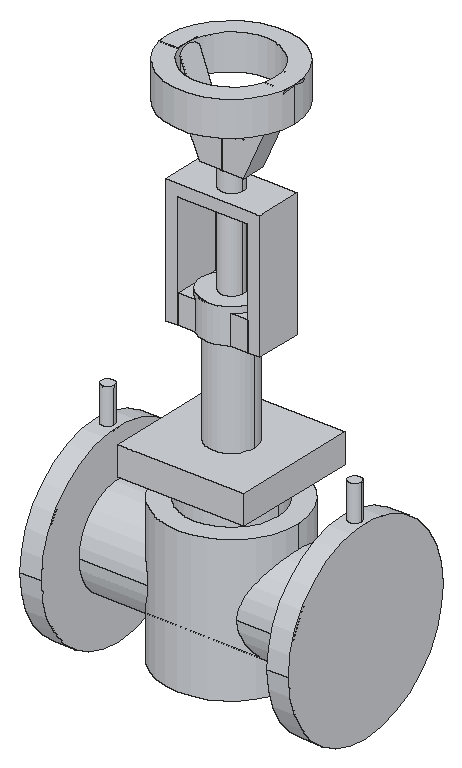
Revit family "Sigma_Compact_DN050-LF_PN16_RFA_2019", category Pipe Accessories, Revit 2019
Family settings
  Round Connector Dimension = Use Diameter
  Part Type = Valve - Breaks Into
  Work Plane-Based = No
  Always vertical = Yes
  Cut with Voids When Loaded = No
  Shared = No
Parameters (values of type "Sigma Compact DN 050 LF PN16")
  magiProductId = "7ce002c265594233b83d195dc264f1"
  magiProductFamilyId = "111bdfd32e424cd9a1e5f1ca7ea2b6"
  magiPartTypeId = 304
  isMeasuringValve [instance] = no
  ang2D [instance] = 0.00°
  W2D = 50 mm
  VersionID = "2.0/2018.12.13.2/FRESE_SIGMA_C_BIG_Q13_001"
  Use Minimum Symbol Size [instance] = no
  URL = "www.hydronix.cz"
  Type Comments = "přírubový; PN16; max dp=800kPa; 0~+120°C; max uzavírací tlak 1MPa"
  R4 = 40.25 mm
  R3 = 42.9 mm
  R1 = 57.5 mm
  QmdConnectorList = "301;D;302;D"
  Productdata [instance] = ""
  Manufacturer = "Hydronix"
  Maintenance Zone Under Depth [instance] = 100 mm
  Maintenance Zone Right Depth [instance] = 100 mm
  Maintenance Zone Over Depth [instance] = 100 mm
  Maintenance Zone Left Depth [instance] = 100 mm
  Maintenance Zone Front Depth [instance] = 100 mm
  Maintenance Zone Back Depth [instance] = 100 mm
  Maintenance Zone Front Visibility [instance] = no
  MC Use Limits From Balancing Method = no
  MC Throttling Minimum Value = 0
  MC Throttling Maximum Value = 0
  MC Product Code = "53-2400 DN50; PN16; (2480-15000 l/h); kvs=34"
  MC Pressure Drop Minimum Value = 0.0 Pa
  MC Pressure Drop Maximum Value = 0.0 Pa
  MC Piping Given Pressure Drop [instance] = 0.0 Pa
  LF__ve = -LF  # -18.4 mm
  LF2 = 9.2 mm
  LF = 18.4 mm
  L432 = 18.917 mm
  L43 = 37.835 mm
  L42 = 54.05 mm
  L4 = 108.1 mm
  L3 = 193.2 mm
  L2D_Min = 30.48 mm
  L2D = 230 mm
  L2 = 115 mm
  HH12 = 16.5 mm
  HH1 = 33 mm
  HDF__ve = -HDF  # -202 mm
  HDF = 202 mm
  H6 = 85 mm
  H4 = 24.75 mm
  H3 = 20.625 mm
  H2 = 61.875 mm
  H11 = 123.75 mm
  H1 = 480 mm
  H = 367 mm
  Description = "Automatický vyvažovací ventil"
  DF2 = 82.5 mm
  D = 50 mm
  Clearance Zone Height Depth [instance] = 100 mm
  Clearance Zone Circular Radius [instance] = 115 mm
  Clearance Zone Visibility [instance] = no
  CAT0 = yes
Types (9, lengths in mm): name | magiProductId | Type Comments | R4 | R3 | R1 | MC Product Code | LF__ve | LF2 | LF | L432 | L43 | L42 | L4 | L3 | L2 | HH12 | HH1 | HDF__ve | HDF | H4 | H3 | H2 | H11 | H1 | H | DF2 | D | Clearance Zone Circular Radius
  Sigma Compact DN 050 LF PN16 | "7ce002c265594233b83d195dc264f1" | "přírubový; PN16; max dp=800kPa; 0~+120°C; max uzavírací tlak 1MPa" | 40.25 | 42.9 | 57.5 | "53-2400 DN50; PN16; (2480-15000 l/h); kvs=34" | -18.4 | 9.2 | 18.4 | 18.917 | 37.835 | 54.05 | 108.1 | 193.2 | 115 | 16.5 | 33 | -202 | 202 | 24.75 | 20.625 | 61.875 | 123.75 | 480 | 367 | 82.5 | 50 | 115
  Sigma Compact DN 065 LF PN16 | "7b440009bc83499eb1c9a6fd3b4fee" | "přírubový; PN16; max dp=800kPa; 0~+120°C; max uzavírací tlak 1MPa" | 50.75 | 48.1 | 72.5 | "53-2401 DN65; PN16; (4380-25000 l/h); kvs=50" | -23.2 | 11.6 | 23.2 | 23.853 | 47.705 | 68.15 | 136.3 | 243.6 | 145 | 16.5 | 33 | -199 | 199 | 27.75 | 23.125 | 69.375 | 138.75 | 497 | 384 | 92.5 | 65 | 145
  Sigma Compact DN 080 LF PN16 | "c04670cd33374e61a046fccc79a79b" | "přírubový; PN16; max dp=800kPa; 0~+120°C; max uzavírací tlak 1MPa" | 54.25 | 52 | 77.5 | "53-2402 DN80; PN16; (5340-34000 l/h); kvs=68" | -24.8 | 12.4 | 24.8 | 25.497 | 50.995 | 72.85 | 145.7 | 260.4 | 155 | 16.5 | 33 | -213 | 213 | 30 | 25 | 75 | 150 | 526 | 413 | 100 | 80 | 155
  Sigma Compact DN 100 LF PN16 | "e9669c3b3cb042d39f52f9a3f8394b" | "přírubový; PN16; max dp=800kPa; 0~+120°C; max uzavírací tlak 1MPa" | 61.25 | 61.1 | 87.5 | "53-2403 DN100; PN16; (12100-68000 l/h); kvs=115" | -28 | 14 | 28 | 28.788 | 57.575 | 82.25 | 164.5 | 294 | 175 | 34 | 68 | -331 | 331 | 35.25 | 29.375 | 88.125 | 176.25 | 714 | 566 | 117.5 | 100 | 175
  Sigma Compact DN 125 LF PN16 | "72414964175c4f3999d5daaa67221e" | "přírubový; PN16; max dp=800kPa; 0~+120°C; max uzavírací tlak 1MPa" | 70 | 70.2 | 100 | "53-2404 DN125; PN16; (18500-110000 l/h); kvs=186" | -32 | 16 | 32 | 32.9 | 65.8 | 94 | 188 | 336 | 200 | 36.5 | 73 | -338 | 338 | 40.5 | 33.75 | 101.25 | 202.5 | 761 | 608 | 135 | 125 | 200
  Sigma Compact DN 150 LF PN16 | "cb5ac98de80a46389b4a96eb8539c2" | "přírubový; PN16; max dp=800kPa; 0~+110°C; max uzavírací tlak 1MPa" | 84 | 74.1 | 120 | "53-2405 DN150; PN16; (25600-148000 l/h); kvs=250" | -38.4 | 19.2 | 38.4 | 39.48 | 78.96 | 112.8 | 225.6 | 403.2 | 240 | 13 | 26 | -391 | 391 | 42.75 | 35.625 | 106.875 | 213.75 | 782 | 676 | 142.5 | 150 | 240
  Sigma Compact DN 200 LF PN16 | "bd9983fcf82240be8b5626661ef83b" | "přírubový; PN16; max dp=800kPa; 0~+110°C; max uzavírací tlak 1MPa" | 105 | 98.8 | 150 | "53-2406 DN200; PN16; (95000-210000 l/h); kvs=371" | -48 | 24 | 48 | 49.35 | 98.7 | 141 | 282 | 504 | 300 | 29.5 | 59 | -334 | 334 | 57 | 47.5 | 142.5 | 285 | 853 | 714 | 190 | 200 | 300
  Sigma Compact DN 250 LF PN16 | "6516628c9ce0481f89e5702e575104" | "přírubový; PN16; max dp=800kPa; 0~+110°C; max uzavírací tlak 1MPa" | 127.75 | 115.44 | 182.5 | "53-2407 DN250; PN16; (190000-475000 l/h); kvs=803" | -58.4 | 29.2 | 58.4 | 60.042 | 120.085 | 171.55 | 343.1 | 613.2 | 365 | 29 | 58 | -462 | 462 | 66.6 | 55.5 | 166.5 | 333 | 1044 | 906 | 222 | 250 | 365
  Sigma Compact DN 300 LF PN16 | "f16ecb3a8ad443e99405ecd1e4779a" | "přírubový; PN16; max dp=800kPa; 0~+110°C; max uzavírací tlak 1MPa" | 148.75 | 135.2 | 212.5 | "53-2408 DN300; PN16; (190000-475000 l/h); kvs=803" | -68 | 34 | 68 | 69.912 | 139.825 | 199.75 | 399.5 | 714 | 425 | 29 | 58 | -424 | 424 | 78 | 65 | 195 | 390 | 1082 | 944 | 260 | 300 | 425
Reference planes
  plane 1 "Center (Front/Back)": y = 0
  plane 2 "XYPLANE": z = 0
  plane 3 "Center (Left/Right)": x = 0
  plane 4 "298": y = -182.5
  plane 5 "297": y = 182.5
  plane 6 "296": y = -82.5
  plane 7 "295": y = 82.5
  plane 8 "294": z = -182.5
  plane 9 "293": z = 497.5
  plane 10 "292": x = -215
  plane 11 "291": x = 215
  plane 12 "290": z = 497.5
  plane 13 "256": y = -20
  plane 14 "254": z = 291
  plane 15 "253": z = 301
  plane 16 "252": x = -40
  plane 17 "251": x = -30
  plane 18 "250": x = 40
  plane 19 "249": x = 30
  plane 20 "247": z = 192.25
  plane 21 "244": z = 284.5
  plane 22 "243": x = 54.05
  plane 23 "242": x = 37.835
  plane 24 "241": x = 18.917
  plane 25 "240": y = -10
  plane 26 "238": x = -18.917
  plane 27 "237": x = -37.835
  plane 28 "236": z = 317.5
  plane 29 "235": z = 347.5
  plane 30 "234": x = -54.05
  plane 31 "225": z = 397.5
  plane 32 "224": z = -82.5
  plane 33 "157": x = 105.8
  plane 34 "156": x = -105.8
  plane 35 "155": z = 82.5
  plane 36 "154": z = 107.25
  plane 37 "153": z = 82.5
  plane 38 "152": z = 61.875
  plane 39 "151": x = -96.6
  plane 40 "150": z = -61.875
  plane 41 "149": x = 0
  plane 42 "148": y = 0
  plane 43 "147": z = 0
  plane 44 "146": x = -115
  plane 45 "145": x = 115
Forms (mm)
  Blend 1, solid, visible <- "Maintenance Zone Front Visibility"
    base sketch origin (-750, 0, 497.5) x (1, 0, 0) y (0, 1, 0)
      loop
        line (535, 182.5) -> (535, -182.5) -> (965, -182.5) -> (965, 182.5) -> (535, 182.5)
    top sketch origin (-750, 0, 497.5) x (1, 0, 0) y (0, 1, 0)
      loop
        line (535, 182.5) -> (535, -182.5) -> (965, -182.5) -> (965, 182.5) -> (535, 182.5)
    from 0 to -680
  Blend 2, solid, visible <- "Clearance Zone Visibility"
    base sketch origin (-750, 0, 0) x (1, 0, 0) y (0, 1, 0)
      loop
        circle (750, 0) r 115
    top sketch origin (-750, 0, 0) x (1, 0, 0) y (0, 1, 0)
      loop
        circle (750, 0) r 115
    from 0 to 497.5
  Extrusion 3, solid
    sketch origin (-750, 0, 284.5) x (1, 0, 0) y (0, 1, 0)
      loop
        circle (750, 0) r 10
    from 0 to -202 <- "HDF__ve"
  Extrusion 4, solid
    sketch origin (-750, 0, 192.25) x (1, 0, 0) y (0, 1, 0)
      loop
        line (780, 20) -> (720, 20) -> (720, -20) -> (780, -20) -> (780, 20)
    from 0 to 25
  Extrusion 5, solid
    sketch origin (750, -20, 0) x (-1, 0, 0) y (0, 0, 1)
      loop
        line (790, 192.25) -> (790, 301) -> (710, 301) -> (710, 192.25) -> (720, 192.25) -> (720, 291) -> (780, 291) -> (780, 192.25) -> (790, 192.25)
    from 0 to 40
  Extrusion 6, solid
    sketch origin (-750, 0, 192.25) x (1, 0, 0) y (0, 1, 0)
      loop
        circle (750, 0) r 25
    from 0 to 30
  Extrusion 7, solid
    sketch origin (750, -10, 0) x (-1, 0, 0) y (0, 0, 1)
      loop
        line (787.835, 397.5) -> (768.917, 347.5) -> (750, 347.5) -> (750, 317.5) -> (768.917, 317.5) -> (804.05, 397.5) -> (787.835, 397.5)
    from 0 to 20
  Extrusion 8, solid
    sketch origin (750, -10, 0) x (-1, 0, 0) y (0, 0, 1)
      loop
        line (712.165, 397.5) -> (695.95, 397.5) -> (731.083, 317.5) -> (750, 317.5) -> (750, 347.5) -> (731.083, 347.5) -> (712.165, 397.5)
    from 0 to 20
  Extrusion 9, solid
    sketch origin (-750, 0, 284.5) x (1, 0, 0) y (0, 1, 0)
      loop
        circle (750, 0) r 10
    from 0 to 33 <- "HH1"
  Extrusion 10, solid
    sketch origin (-750, 0, 397.5) x (1, 0, 0) y (0, 1, 0)
      loop
        circle (750, 0) r 54.05
      loop
        circle (750, 0) r 37.835
    from 0 to -30
  Extrusion 11, solid, visible <- "CAT0"
    sketch origin (-750, 0, 82.5) x (1, 0, 0) y (0, 1, 0)
      loop
        circle (855.8, 0) r 5.5
    from 0 to 30
  Extrusion 12, solid, visible <- "CAT0"
    sketch origin (-750, 0, 82.5) x (1, 0, 0) y (0, 1, 0)
      loop
        circle (644.2, 0) r 5.5
    from 0 to 30
  Extrusion 13, solid, visible <- "CAT0"
    sketch origin (-750, 0, 107.25) x (1, 0, 0) y (0, 1, 0)
      loop
        circle (750, 0) r 20
    from 0 to 85 <- "H6"
  Extrusion 14, solid, visible <- "CAT0"
    sketch origin (-750, 0, 82.5) x (1, 0, 0) y (0, 1, 0)
      loop
        line (804.05, 54.05) -> (695.95, 54.05) -> (695.95, -54.05) -> (804.05, -54.05) -> (804.05, 54.05)
    from 0 to 24.75 <- "H4"
  Extrusion 15, solid, visible <- "CAT0"
    sketch origin (-750, 0, 61.875) x (1, 0, 0) y (0, 1, 0)
      loop
        circle (750, 0) r 40.25
    from 0 to 20.625 <- "H3"
  Extrusion 16, solid, visible <- "CAT0"
    sketch origin (-96.6, -750, 0) x (0, 1, 0) y (0, 0, 1)
      loop
        circle (750, 0) r 42.9
    from 0 to 193.2 <- "L3"
  Extrusion 17, solid, visible <- "CAT0"
    sketch origin (-750, 0, -61.875) x (1, 0, 0) y (0, 1, 0)
      loop
        circle (750, 0) r 57.5
    from 0 to 123.75 <- "H11"
  Extrusion 18, solid, visible <- "CAT0"
    sketch origin (-115, -750, 0) x (0, 1, 0) y (0, 0, 1)
      loop
        circle (750, 0) r 82.5
    from 0 to 18.4 <- "LF"
  Extrusion 19, solid, visible <- "CAT0"
    sketch origin (115, -750, 0) x (0, 1, 0) y (0, 0, 1)
      loop
        circle (750, 0) r 82.5
    from 0 to -18.4 <- "LF__ve"
  Extrusion 20, solid, not visible
    sketch origin (-115, -750, 0) x (0, 1, 0) y (0, 0, 1)
      loop
        circle (750, 0) r 10
    from 0 to 10
  Extrusion 21, solid, not visible
    sketch origin (115, -750, 0) x (0, 1, 0) y (0, 0, 1)
      loop
        circle (750, 0) r 10
    from 0 to -10
Lines and regions (mm)
  reference lines, not visible
    curve 1: circle (2, 2, 0) r 1 normal (0, 0, 1)
  reference lines
    curve 2: circle (0, 0, 82.5) r 1 normal (0, 0, 1)
Dimensions and locks
  plane 1 "Center (Front/Back)" to curve 1 = 2 mm
  "Maintenance Zone Front Depth": plane 6 "296" to plane 4 "298"
  "Maintenance Zone Back Depth": plane 7 "295" to plane 5 "297"
  "DF2": plane 42 "148" to plane 6 "296"
  "DF2": plane 42 "148" to plane 7 "295"
  "Maintenance Zone Under Depth": plane 32 "224" to plane 8 "294"
  "Maintenance Zone Over Depth": plane 31 "225" to plane 9 "293"
  "Maintenance Zone Left Depth": plane 44 "146" to plane 10 "292"
  "Maintenance Zone Right Depth": plane 45 "145" to plane 11 "291"
  "Clearance Zone Height Depth": plane 31 "225" to plane 12 "290"
  locked: plane 25 "240" to plane 13 "256" at 10
  locked: plane 15 "253" to plane 14 "254" at 10
  "HH12": plane 21 "244" to plane 15 "253"
  locked: plane 17 "251" to plane 16 "252" at 10
  locked: plane 41 "149" to plane 17 "251" at 30
  locked: plane 19 "249" to plane 18 "250" at 10
  locked: plane 41 "149" to plane 19 "249" at 30
  "H6": plane 36 "154" to plane 20 "247"
  "H": plane 32 "224" to plane 21 "244"
  "L42": plane 41 "149" to plane 22 "243"
  "L43": plane 41 "149" to plane 23 "242"
  "L432": plane 41 "149" to plane 24 "241"
  locked: plane 42 "148" to plane 25 "240" at 10
  "L432": plane 41 "149" to plane 26 "238"
  "L43": plane 41 "149" to plane 27 "237"
  locked: plane 29 "235" to plane 28 "236" at 30
  locked: plane 31 "225" to plane 29 "235" at 50
  "L42": plane 41 "149" to plane 30 "234"
  "H1": plane 32 "224" to plane 31 "225"
  "DF2": plane 2 "XYPLANE" to plane 32 "224"
  "LF2": plane 45 "145" to plane 33 "157"
  "LF2": plane 44 "146" to plane 34 "156"
  "DF2": plane 2 "XYPLANE" to plane 35 "155"
  "H4": plane 37 "153" to plane 36 "154"
  "H3": plane 38 "152" to plane 37 "153"
  "H11": plane 40 "150" to plane 38 "152"
  "LF": plane 44 "146" to plane 39 "151"
  "H2": plane 2 "XYPLANE" to plane 40 "150"
  locked: plane 3 "Center (Left/Right)" to plane 41 "149"
  locked: plane 1 "Center (Front/Back)" to plane 42 "148"
  locked: plane 2 "XYPLANE" to plane 43 "147"
  "L2": plane 3 "Center (Left/Right)" to plane 44 "146"
  "L2": plane 3 "Center (Left/Right)" to plane 45 "145"
  Blend 1 sketch curve to Blend 1 sketch curve = 0 mm  (x16)
  Extrusion 4 sketch curve to Extrusion 4 sketch curve = 0 mm  (x8)
  Extrusion 5 sketch curve to Extrusion 5 sketch curve = 0 mm  (x16)
  Extrusion 7 sketch curve to Extrusion 7 sketch curve = 0 mm  (x12)
  Extrusion 8 sketch curve to Extrusion 8 sketch curve = 0 mm  (x12)
  equal spacing: Extrusion 14 sketch curve, curve 2, Extrusion 14 sketch curve  (x2)
  "L4": Extrusion 14 sketch curve to Extrusion 14 sketch curve  (x2)
  Extrusion 14 sketch curve to Extrusion 14 sketch curve = 0 mm  (x8)
  "Clearance Zone Circular Radius": radius of Blend 2 sketch curve  (x2)
  "L42": radius of Extrusion 10 sketch curve
  "L43": radius of Extrusion 10 sketch curve
  "R4": radius of Extrusion 15 sketch curve
  "R3": radius of Extrusion 16 sketch curve
  "R1": radius of Extrusion 17 sketch curve
  "DF2": radius of Extrusion 18 sketch curve
  "DF2": radius of Extrusion 19 sketch curve
  aligned and locked: level to plane 2 "XYPLANE"
  aligned and locked: Blend 1 sketch curve to plane 5 "297"  (x2)
  aligned and locked: plane 10 "292" to Blend 1 sketch curve  (x4)
  aligned and locked: plane 11 "291" to Blend 1 sketch curve  (x4)
  aligned and locked: plane 5 "297" to Blend 1 sketch curve  (x2)
  aligned and locked: plane 4 "298" to Blend 1 sketch curve  (x4)
  aligned and locked: Blend 1 to plane 8 "294"
  aligned and locked: plane 41 "149" to Blend 2 sketch curve  (x2)
  aligned and locked: plane 42 "148" to Blend 2 sketch curve  (x2)
  aligned and locked: plane 12 "290" to Blend 2
  aligned and locked: plane 41 "149" to Extrusion 3 sketch curve
  aligned and locked: plane 42 "148" to Extrusion 3 sketch curve
  aligned and locked: Extrusion 5 sketch curve to plane 16 "252"
  aligned and locked: plane 20 "247" to Extrusion 5 sketch curve  (x4)
  aligned and locked: plane 15 "253" to Extrusion 5 sketch curve  (x2)
  aligned and locked: plane 16 "252" to Extrusion 5 sketch curve
  aligned and locked: plane 18 "250" to Extrusion 5 sketch curve  (x2)
  aligned and locked: plane 19 "249" to Extrusion 5 sketch curve  (x2)
  aligned and locked: plane 14 "254" to Extrusion 5 sketch curve  (x2)
  aligned and locked: plane 17 "251" to Extrusion 5 sketch curve  (x2)
  aligned and locked: plane 41 "149" to Extrusion 6 sketch curve
  aligned and locked: plane 42 "148" to Extrusion 6 sketch curve
  aligned and locked: plane 27 "237" to Extrusion 7 sketch curve
  aligned and locked: plane 31 "225" to Extrusion 7 sketch curve  (x2)
  aligned and locked: plane 26 "238" to Extrusion 7 sketch curve  (x2)
  aligned and locked: plane 29 "235" to Extrusion 7 sketch curve  (x2)
  aligned and locked: plane 41 "149" to Extrusion 7 sketch curve  (x2)
  aligned and locked: plane 28 "236" to Extrusion 7 sketch curve  (x2)
  aligned and locked: plane 30 "234" to Extrusion 7 sketch curve
  aligned and locked: plane 23 "242" to Extrusion 8 sketch curve
  aligned and locked: plane 31 "225" to Extrusion 8 sketch curve  (x2)
  aligned and locked: plane 24 "241" to Extrusion 8 sketch curve  (x2)
  aligned and locked: plane 29 "235" to Extrusion 8 sketch curve  (x2)
  aligned and locked: plane 41 "149" to Extrusion 8 sketch curve  (x2)
  aligned and locked: plane 28 "236" to Extrusion 8 sketch curve  (x2)
  aligned and locked: plane 22 "243" to Extrusion 8 sketch curve
  aligned and locked: plane 41 "149" to Extrusion 9 sketch curve
  aligned and locked: plane 42 "148" to Extrusion 9 sketch curve
  aligned and locked: plane 41 "149" to Extrusion 10 sketch curve  (x2)
  aligned and locked: plane 42 "148" to Extrusion 10 sketch curve  (x2)
  aligned and locked: plane 33 "157" to Extrusion 11 sketch curve
  aligned and locked: plane 42 "148" to Extrusion 11 sketch curve
  aligned and locked: plane 34 "156" to Extrusion 12 sketch curve
  aligned and locked: plane 42 "148" to Extrusion 12 sketch curve
  aligned and locked: plane 41 "149" to Extrusion 13 sketch curve
  aligned and locked: plane 42 "148" to Extrusion 13 sketch curve
  aligned and locked: plane 41 "149" to curve 2
  aligned and locked: plane 42 "148" to curve 2
  aligned and locked: plane 41 "149" to Extrusion 15 sketch curve
  aligned and locked: plane 42 "148" to Extrusion 15 sketch curve
  aligned and locked: Extrusion 16 sketch curve to plane 42 "148"
  aligned and locked: plane 43 "147" to Extrusion 16 sketch curve
  aligned and locked: plane 41 "149" to Extrusion 17 sketch curve
  aligned and locked: plane 42 "148" to Extrusion 17 sketch curve
  aligned and locked: Extrusion 18 sketch curve to plane 42 "148"
  aligned and locked: plane 43 "147" to Extrusion 18 sketch curve
  aligned and locked: Extrusion 19 sketch curve to plane 42 "148"
  aligned and locked: plane 43 "147" to Extrusion 19 sketch curve
  aligned and locked: Extrusion 20 sketch curve to plane 42 "148"
  aligned and locked: plane 43 "147" to Extrusion 20 sketch curve
  aligned and locked: Extrusion 21 sketch curve to plane 42 "148"
  aligned and locked: plane 43 "147" to Extrusion 21 sketch curve
Automatic sketch dimensions
  plane 26 "238" to Extrusion 3 sketch curve = 8.917 mm
  Extrusion 4 sketch curve to plane 17 "251" = 0 mm
  Extrusion 4 sketch curve to plane 13 "256" = 0 mm
  Extrusion 4 sketch curve to plane 19 "249" = 0 mm
  Extrusion 4 sketch curve to plane 1 "Center (Front/Back)" = 20 mm
  plane 17 "251" to Extrusion 6 sketch curve = 5 mm
  plane 26 "238" to Extrusion 9 sketch curve = 8.917 mm
  Extrusion 11 sketch curve to plane 33 "157" = 5.5 mm
  plane 44 "146" to Extrusion 12 sketch curve = 3.7 mm
  Extrusion 13 sketch curve to plane 26 "238" = 1.083 mm
  Extrusion 20 sketch curve to plane 25 "240" = 0 mm
  Extrusion 21 sketch curve to plane 25 "240" = 0 mm
  plane 3 "Center (Left/Right)" to curve 1 = 2 mm
  Extrusion 14 sketch curve to plane 30 "234" = 0 mm
  plane 6 "296" to Extrusion 14 sketch curve = 28.45 mm
  radius of curve 2 = 1 mm
  radius of curve 1 = 1 mm
Connectors
  piping at (-115, 0, 0), diameter 50, driven by "D"
    settings: on Extrusion 20, index 1, connector inside diameter 609.6 mm, connector length 0 mm, flow factor 0, pipe flow 0.0 L/s, pressure drop 0.0 Pa, fitting loss kfactor 0, connector angle 0.00°, fixture units 0, engagement length 0 mm, angle of deflection 0.00°, flow configuration 0, flow direction 0, fitting loss method 0, system type 29, joint type 0, gender type 0, connector reference index 2, connector utility 0, adjustable connector no, is connector primary yes, connector description ""
  piping at (115, 0, 0), diameter 50, driven by "D"
    settings: on Extrusion 21, index 2, connector inside diameter 609.6 mm, connector length 0 mm, flow factor 0, pipe flow 0.0 L/s, pressure drop 0.0 Pa, fitting loss kfactor 0, connector angle 0.00°, fixture units 0, engagement length 0 mm, angle of deflection 0.00°, flow configuration 0, flow direction 0, fitting loss method 0, system type 29, joint type 0, gender type 0, connector reference index 1, connector utility 0, adjustable connector no, is connector primary no, connector description ""
